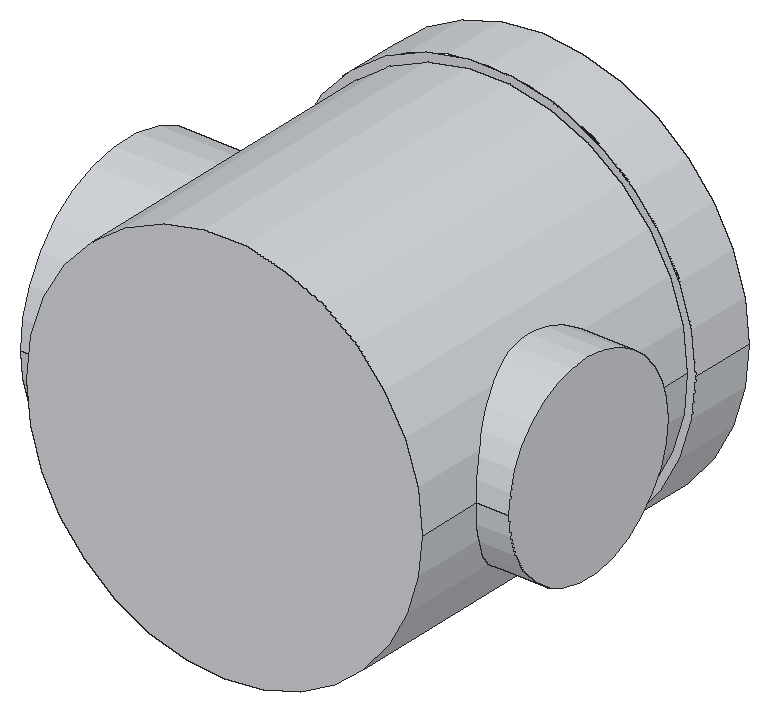
Revit family "3c339ccfb23d4201b523060f3660718b", category Duct Fittings, Revit 2021
Family settings
  Round Connector Dimension = Use Radius
  Part Type = Tee
  OmniClass Number = 23.75.70.14
  OmniClass Title = Air Ductwork
  Seek Item ID = Round Cross with Cap-0000-USA-ENU
  Work Plane-Based = No
  Always vertical = Yes
  Cut with Voids When Loaded = No
  Shared = No
Parameters (values of type "Standard")
  Shoulder Length [instance] = 1"
  Duct Radius 3 [instance] = 6"
  Duct Radius 2 [instance] = 3"
  Duct Radius 1 [instance] = 4"
  Duct Length 4 [instance] = 0' 2"  # 2"
  Duct Length 2 [instance] = if(Duct Radius 2 > Duct Radius 1, Duct Radius 2 + Shoulder Length, Duct Radius 1 + Shoulder Length)  # 5"
  Duct Length 1 [instance] = Duct Radius 3 + Shoulder Length  # 7"
  Duct Diameter 3 [instance] = Duct Radius 3 * 2  # 12"
  Duct Diameter 2 [instance] = Duct Radius 2 * 2  # 6"
  Duct Diameter 1 [instance] = Duct Radius 1 * 2  # 8"
  Default Elevation = 0' - 0"
  Cap Radius [instance] = Duct Radius 3 + 0' 0 1/4"  # 6 1/4"
Reference planes (in)
  plane 1 "Center (Front/Back)": y = 0
  plane 2: z = 0
  plane 3 "Center (Left/Right)": x = 0
  plane 4: y = 5
  plane 5: x = -7
  plane 6: x = 7
  plane 7: y = -5
  plane 8: y = 7
  plane 9: x = -6.25
  plane 10: x = 6.25
Forms (in)
  Sweep 1, solid, detail levels medium+fine
    path in 3D
      loop
        line (0, -5, 0) -> (0, 5, 0)
    profile origin (0, 0, 0) x (-1, 0, 0) y (0, 0, 1)
      loop
        circle (0, 0) r 6
  Sweep 2, solid, detail levels medium+fine
    path in 3D
      loop
        line (-7, 0, 0) -> (0, 0, 0)
    profile origin (-3.5, 0, 0) x (0, 1, 0) y (0, 0, 1)
      loop
        circle (0, 0) r 4
  Sweep 3, solid, detail levels medium+fine
    path in 3D
      loop
        line (0, 0, 0) -> (7, 0, 0)
    profile origin (3.5, 0, 0) x (0, 1, 0) y (0, 0, 1)
      loop
        circle (0, 0) r 3
  Sweep 4, solid, detail levels medium+fine
    path in 3D
      loop
        line (0, 5, 0) -> (0, 7, 0)
    profile origin (0, 6, 0) x (-1, 0, 0) y (0, 0, 1)
      loop
        circle (0, 0) r 6.25
Cuts and joins
  joined: Sweep 1, Sweep 2, Sweep 3, Sweep 4
Lines and regions (in)
  model lines, detail levels coarse
    curve 1: line (-7, 0, 0) -> (0, 0, 0)
    curve 2: line (0, -5, 0) -> (0, 5, 0)
    curve 5: line (0, 0, 0) -> (7, 0, 0)
    curve 7: line (0, 5, 0) -> (0, 7, 0)
    curve 10: line (-6.25, 5, 0) -> (-6.25, 7, 0)
    curve 11: line (-6.25, 7, 0) -> (6.25, 7, 0)
    curve 12: line (6.25, 7, 0) -> (6.25, 5, 0)
  sketch lines
    curve 3: line (0, -5, 0) -> (0, 5, 0)
    curve 4: line (-7, 0, 0) -> (0, 0, 0)
    curve 6: line (0, 0, 0) -> (7, 0, 0)
    curve 8: line (0, 5, 0) -> (0, 7, 0)
  model lines, not visible, detail levels coarse
    curve 9: line (0, 5, 0) -> (0, 7, 0)
Dimensions and locks (in)
  equal spacing: plane 5, plane 3 "Center (Left/Right)", plane 6
  "Duct Length 1": plane 5 to plane 3 "Center (Left/Right)"
  "Duct Length 2": plane 4 to plane 1 "Center (Front/Back)"
  "Duct Length 2": plane 1 "Center (Front/Back)" to plane 7
  "Duct Length 4": plane 8 to plane 4
  equal spacing: plane 9, plane 3 "Center (Left/Right)", plane 10
  "Cap Radius": plane 9 to plane 3 "Center (Left/Right)"
  "Duct Radius 3": radius of Sweep 1 sketch curve
  "Duct Radius 1": radius of Sweep 2 sketch curve
  "Duct Radius 2": radius of Sweep 3 sketch curve
  "Cap Radius": radius of Sweep 4 sketch curve
  aligned and locked: plane 5 to curve 1
  aligned and locked: plane 3 "Center (Left/Right)" to Sweep 1 sketch curve
  aligned and locked: plane 2 to Sweep 1 sketch curve
  aligned and locked: plane 1 "Center (Front/Back)" to Sweep 2 sketch curve
  aligned and locked: plane 2 to Sweep 2 sketch curve
  aligned and locked: plane 3 "Center (Left/Right)" to curve 1
  aligned and locked: plane 7 to curve 2
  aligned and locked: plane 1 "Center (Front/Back)" to curve 5
  aligned and locked: plane 6 to curve 5
  aligned and locked: plane 1 "Center (Front/Back)" to Sweep 3 sketch curve
  aligned and locked: plane 2 to Sweep 3 sketch curve
  aligned and locked: plane 8 to curve 7
  aligned and locked: plane 3 "Center (Left/Right)" to Sweep 4 sketch curve
  aligned and locked: plane 2 to Sweep 4 sketch curve
  aligned and locked: plane 4 to curve 10
  aligned and locked: plane 4 to curve 12
  aligned and locked: plane 8 to curve 11
  aligned and locked: curve 10 to plane 9
  aligned and locked: plane 10 to curve 12
  aligned and locked: plane 9 to curve 11
Automatic sketch dimensions
  curve 1 to plane 1 "Center (Front/Back)" = 0' - 0"
  curve 2 to plane 4 = 0' - 0"
Connectors (in)
  hvac at (-7, 0, 0), driven by "Duct Radius 1"
    settings: on Sweep 2, index 1, duct flow 0 CFM, flow factor 0, pres drop 0.00 in-wg, loss coef 0, conn angle 0.00°, conn width 12", conn height 12", conn diameter 8", duct sys type 28, conn prof type 0, flow config 0, flow direction 0, loss method 0, conn ref index 2, conn util no, is conn primary yes, conn desc ""
  hvac at (7, 0, 0), driven by "Duct Radius 2"
    settings: on cut or joined group of Sweep 1, Sweep 2, Sweep 3, Sweep 4, index 2, duct flow 0 CFM, flow factor 0, pres drop 0.00 in-wg, loss coef 0, conn angle 0.00°, conn width 12", conn height 12", conn diameter 6", duct sys type 28, conn prof type 0, flow config 0, flow direction 0, loss method 0, conn ref index 1, conn util no, is conn primary no, conn desc ""
  hvac at (0, -5, 0), driven by "Duct Radius 3"
    settings: on cut or joined group of Sweep 1, Sweep 2, Sweep 3, Sweep 4, index 3, duct flow 0 CFM, flow factor 0, pres drop 0.00 in-wg, loss coef 0, conn angle 0.00°, conn width 12", conn height 12", conn diameter 12", duct sys type 28, conn prof type 0, flow config 0, flow direction 0, loss method 0, conn ref index -1, conn util no, is conn primary no, conn desc ""
